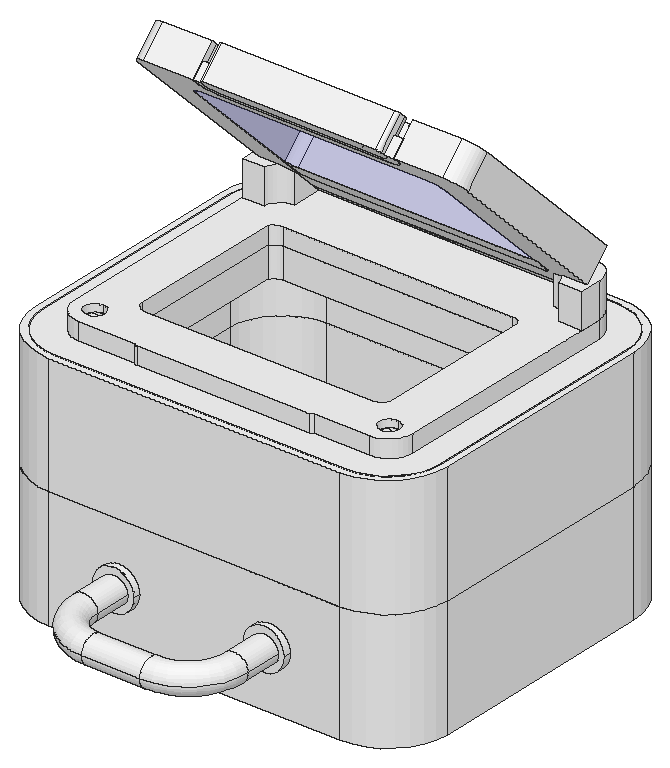
Revit family "Domotics-SerieCivili-GEWISS-27COMBI_SYSTEM-IP55_PALO", category Apparecchi elettrici, host Superficie, Revit 2016 (continued)
Definition of nested family "SYSTEM CONTENITORI IP55 3P PALO_BASE"
  Forms (mm)
    Sweep 45, solid, material <- "SCATOLA", detail levels medium+fine
      path in 3D
        loop
          line (-25.962, 52.5, 17.5) -> (-25.962, 64.422, 17.5)
          arc (-25.962, 64.422, 17.5) -> (-20.837, 76.796, 17.5) -> (-8.462, 81.922, 17.5) r 17.5
          line (-8.462, 81.922, 17.5) -> (8.538, 81.922, 17.5)
          arc (8.538, 81.922, 17.5) -> (20.912, 76.796, 17.5) -> (26.038, 64.422, 17.5) r 17.5
          line (26.038, 64.422, 17.5) -> (26.038, 52.5, 17.5)
      profile origin (26.038, 58.461, 17.5) x (1, 0, 0) y (0, 0, 1)
        loop
          circle (-4.038, 0) r 4.038
    Extrusion 46, solid, detail levels medium+fine
      sketch origin (0, 0, 0) x (1, 0, 0) y (0, 0, -1)
        loop
          circle (22, -17.5) r 6
      from -53.5 to -51.5
    Extrusion 47, solid, detail levels medium+fine
      sketch origin (0, 0, 0) x (-1, 0, 0) y (0, 0, 1)
        loop
          circle (22, 17.5) r 6
      from -53.5 to -51.5
    Sweep 48, solid, material <- "SCATOLA", detail levels medium+fine
      path in 3D
        loop
          line (-25.962, -52.5, 17.5) -> (-25.962, -64.422, 17.5)
          arc (-25.962, -64.422, 17.5) -> (-20.837, -76.796, 17.5) -> (-8.462, -81.922, 17.5) r 17.5
          line (-8.462, -81.922, 17.5) -> (8.538, -81.922, 17.5)
          arc (8.538, -81.922, 17.5) -> (20.912, -76.796, 17.5) -> (26.038, -64.422, 17.5) r 17.5
          line (26.038, -64.422, 17.5) -> (26.038, -52.5, 17.5)
      profile origin (26.038, -58.461, 17.5) x (-1, 0, 0) y (0, 0, 1)
        loop
          circle (4.038, 0) r 4.038
    Extrusion 49, solid, material <- "SCATOLA", detail levels coarse
      sketch origin (0, 0, 17.5) x (1, 0, 0) y (0, 1, 0)
        loop
          arc (42.5, -51.5) -> (54.874, -46.374) -> (60, -34) r 17.5
          line (60, -34) -> (60, 34)
          arc (60, 34) -> (54.874, 46.374) -> (42.5, 51.5) r 17.5
          line (42.5, 51.5) -> (-42.5, 51.5)
          arc (-42.5, 51.5) -> (-54.874, 46.374) -> (-60, 34) r 17.5
          line (-60, 34) -> (-60, -34)
          arc (-60, -34) -> (-54.874, -46.374) -> (-42.5, -51.5) r 17.5
          line (-42.5, -51.5) -> (42.5, -51.5)
      from -17.5 to 52.5
  Cuts and joins
    joined: Extrusion 1, Extrusion 2
  Lines and regions (mm)
    model lines, detail levels coarse
      curve 1: line (42.5, 51.5, 70) -> (-42.5, 51.5, 70)
      curve 2: line (-60, -34, 70) -> (-60, 34, 70)
      curve 3: arc (-42.5, 51.5, 70) -> (-54.874, 46.374, 70) -> (-60, 34, 70) r 17.5
      curve 4: arc (-60, -34, 70) -> (-54.874, -46.374, 70) -> (-42.5, -51.5, 70) r 17.5
      curve 5: line (42.5, -51.5, 70) -> (-42.5, -51.5, 70)
      curve 6: arc (42.5, -51.5, 70) -> (54.874, -46.374, 70) -> (60, -34, 70) r 17.5
      curve 7: line (60, -34, 70) -> (60, 34, 70)
      curve 8: arc (60, 34, 70) -> (54.874, 46.374, 70) -> (42.5, 51.5, 70) r 17.5
      curve 9: arc (56.306, 34.157, 70) -> (52.271, 43.898, 70) -> (42.529, 47.933, 70) r 13.777
      curve 10: line (42.529, 47.933, 70) -> (-42.496, 47.933, 70)
      curve 11: arc (-42.496, 47.933, 70) -> (-51.949, 44.221, 70) -> (-56.35, 35.067, 70) r 13.891
      curve 12: line (-56.35, -34, 70) -> (-56.35, 35.067, 70)
      curve 13: arc (-56.35, -34, 70) -> (-52.293, -43.793, 70) -> (-42.5, -47.85, 70) r 13.85
      curve 14: line (42.5, -47.85, 70) -> (-42.5, -47.85, 70)
      curve 15: arc (42.5, -47.85, 70) -> (52.675, -43.395, 70) -> (56.306, -32.898, 70) r 13.85
      curve 16: line (56.306, -32.898, 70) -> (56.306, 34.157, 70)
      curve 17: line (49.763, -33.831, 70) -> (49.763, 34.169, 70)
      curve 18: arc (49.763, 34.169, 70) -> (47.713, 39.118, 70) -> (42.763, 41.169, 70) r 7
      curve 19: line (-42.237, 41.169, 70) -> (42.763, 41.169, 70)
      curve 20: arc (-42.237, 41.169, 70) -> (-47.186, 39.118, 70) -> (-49.237, 34.169, 70) r 7
      curve 21: line (-49.237, -33.831, 70) -> (-49.237, 34.169, 70)
      curve 22: arc (-49.237, -33.831, 70) -> (-47.186, -38.781, 70) -> (-42.237, -40.831, 70) r 7
      curve 23: line (-42.237, -40.831, 70) -> (-25.898, -40.831, 70)
      curve 24: arc (-26.037, -40.324, 70) -> (-25.744, -41.031, 70) -> (-25.037, -41.324, 70) r 1
      curve 25: line (-25.037, -41.324, 70) -> (25.563, -41.324, 70)
      curve 26: arc (25.563, -41.324, 70) -> (26.271, -41.031, 70) -> (26.563, -40.324, 70) r 1
      curve 27: line (26.425, -40.831, 70) -> (42.763, -40.831, 70)
      curve 28: arc (42.763, -40.831, 70) -> (47.713, -38.781, 70) -> (49.763, -33.831, 70) r 7
      curve 29: line (26.563, -40.324, 70) -> (26.563, -38.165, 70)
      curve 30: arc (26.563, -38.165, 70) -> (25.685, -36.044, 70) -> (23.563, -35.165, 70) r 3
      curve 31: line (-23.037, -35.165, 70) -> (23.563, -35.165, 70)
      curve 32: arc (-23.037, -35.165, 70) -> (-25.158, -36.044, 70) -> (-26.037, -38.165, 70) r 3
      curve 33: line (-26.037, -40.324, 70) -> (-26.037, -38.165, 70)
      curve 34: circle (-17.337, -38.622, 70) r 1 normal (0, 0, 1)
      curve 35: circle (-8.537, -38.622, 70) r 1 normal (0, 0, 1)
      curve 36: circle (0.263, -38.622, 70) r 1 normal (0, 0, 1)
      curve 37: circle (9.063, -38.622, 70) r 1 normal (0, 0, 1)
      curve 38: circle (17.863, -38.622, 70) r 1 normal (0, 0, 1)
      curve 39: line (-38.5, -39.2, 70) -> (-29.037, -39.2, 70)
      curve 40: arc (-39.5, -38.2, 70) -> (-39.207, -38.907, 70) -> (-38.5, -39.2, 70) r 1
      curve 41: line (-39.5, -38.2, 70) -> (-39.5, -34.5, 70)
      curve 42: arc (-39.5, -34.5, 70) -> (-40.525, -32.025, 70) -> (-43, -31, 70) r 3.5
      curve 43: line (-43, -31, 70) -> (-46.7, -31, 70)
      curve 44: arc (-47.7, -30, 70) -> (-47.407, -30.707, 70) -> (-46.7, -31, 70) r 1
      curve 45: circle (-42.737, -34.331, 70) r 3 normal (0, 0, 1)
      curve 46: line (-44.019, -32.701, 70) -> (-41.455, -35.962, 70)
      curve 47: line (-44.459, -35.652, 70) -> (-41.014, -33.01, 70)
      curve 48: line (-47.7, -30, 70) -> (-47.7, 27.667, 70)
      curve 49: arc (-49.237, 27.637, 70) -> (-46.111, 27.71, 70) -> (-42.986, 27.836, 70) r 185.778
      curve 50: arc (-37.737, 32.513, 70) -> (-41.206, 31.123, 70) -> (-42.986, 27.836, 70) r 5.5
      curve 51: line (-37.737, 32.513, 70) -> (-37.737, 41.169, 70)
      curve 52: circle (-42.737, 34.669, 70) r 3 normal (0, 0, 1)
      curve 53: line (-43.287, 36.669, 70) -> (-42.187, 32.669, 70)
      curve 54: line (-44.837, 34.119, 70) -> (-40.637, 35.219, 70)
      curve 55: arc (38.063, 38.269, 70) -> (0.163, 39.169, 70) -> (-37.737, 38.268, 70) r 798.156
      curve 56: line (38.063, 32.217, 70) -> (38.063, 41.169, 70)
      curve 57: arc (43.264, 27.342, 70) -> (41.631, 30.811, 70) -> (38.063, 32.217, 70) r 5.2
      curve 58: arc (43.264, 27.342, 70) -> (46.513, 27.221, 70) -> (49.763, 27.16, 70) r 177.869
      curve 59: circle (43.263, 34.669, 70) r 3 normal (0, 0, 1)
      curve 60: line (44.578, 32.941, 70) -> (41.949, 36.396, 70)
      curve 61: line (41.628, 33.393, 70) -> (44.899, 35.944, 70)
      curve 62: line (47.7, -30, 70) -> (47.7, 27.192, 70)
      curve 63: arc (46.7, -31, 70) -> (47.407, -30.707, 70) -> (47.7, -30, 70) r 1
      curve 64: line (46.7, -31, 70) -> (43, -31, 70)
      curve 65: arc (43, -31, 70) -> (40.525, -32.025, 70) -> (39.5, -34.5, 70) r 3.5
      curve 66: line (39.5, -38.2, 70) -> (39.5, -34.5, 70)
      curve 67: arc (38.5, -39.2, 70) -> (39.207, -38.907, 70) -> (39.5, -38.2, 70) r 1
      curve 68: circle (43.263, -34.331, 70) r 3 normal (0, 0, 1)
      curve 69: line (42.713, -32.331, 70) -> (43.813, -36.331, 70)
      curve 70: line (41.163, -34.881, 70) -> (45.363, -33.781, 70)
      curve 71: line (38.5, -39.2, 70) -> (29.563, -39.2, 70)
      curve 72: line (-33.5, -27.831, 70) -> (33.5, -27.831, 70)
      curve 73: arc (-36.5, -24.831, 70) -> (-35.621, -26.953, 70) -> (-33.5, -27.831, 70) r 3
      curve 74: line (-36.5, -24.831, 70) -> (-36.5, 27.169, 70)
      curve 75: line (-34.65, 19.669, 70) -> (-34.65, -25.331, 70)
      curve 76: line (-34.65, -25.331, 70) -> (34.65, -25.331, 70)
      curve 77: line (36.5, -24.831, 70) -> (36.5, 27.169, 70)
      curve 78: arc (33.5, -27.831, 70) -> (35.621, -26.953, 70) -> (36.5, -24.831, 70) r 3
      curve 79: arc (36.5, 20.971, 70) -> (35.223, 22.215, 70) -> (33.5, 22.669, 70) r 3.5
      curve 80: line (34.65, 19.669, 70) -> (-34.65, 19.669, 70)
      curve 81: line (-33.5, 22.669, 70) -> (33.5, 22.669, 70)
      curve 82: arc (-33.5, 22.669, 70) -> (-35.223, 22.215, 70) -> (-36.5, 20.971, 70) r 3.5
      curve 83: arc (-33.5, 30.169, 70) -> (-35.621, 29.29, 70) -> (-36.5, 27.169, 70) r 3
      curve 84: line (-33.5, 30.169, 70) -> (33.5, 30.169, 70)
      curve 85: arc (36.5, 27.169, 70) -> (35.621, 29.29, 70) -> (33.5, 30.169, 70) r 3
      curve 86: line (-28, -52.5, 70) -> (-28, -51.5, 70)
      curve 87: line (-16, -52.5, 70) -> (-28, -52.5, 70)
      curve 88: line (-16, -51.5, 70) -> (-16, -52.5, 70)
      curve 89: line (16, -52.5, 70) -> (16, -51.5, 70)
      curve 90: line (28, -52.5, 70) -> (16, -52.5, 70)
      curve 91: line (28, -51.5, 70) -> (28, -52.5, 70)
      curve 92: line (-16.444, -65.422, 70) -> (-16.444, -52.5, 70)
      curve 93: arc (-16.444, -65.422, 70) -> (-16.152, -66.129, 70) -> (-15.444, -66.422, 70) r 1
      curve 94: line (15.52, -66.422, 70) -> (-15.444, -66.422, 70)
      curve 95: arc (15.52, -66.422, 70) -> (16.227, -66.129, 70) -> (16.52, -65.422, 70) r 1
      curve 96: line (16.52, -65.422, 70) -> (16.52, -52.5, 70)
      curve 97: line (26.038, -64.422, 70) -> (26.038, -52.5, 70)
      curve 98: arc (8.538, -81.922, 70) -> (20.912, -76.796, 70) -> (26.038, -64.422, 70) r 17.5
      curve 99: line (8.538, -81.922, 70) -> (-8.462, -81.922, 70)
      curve 100: circle (0.038, -74.922, 70) r 2 normal (0, 0, 1)
      curve 101: arc (-25.962, -64.422, 70) -> (-20.837, -76.796, 70) -> (-8.462, -81.922, 70) r 17.5
      curve 102: line (-25.962, -64.422, 70) -> (-25.962, -52.5, 70)
      curve 103: line (8.538, 81.922, 70) -> (-8.462, 81.922, 70)
      curve 104: arc (-8.462, 81.922, 70) -> (-20.837, 76.796, 70) -> (-25.962, 64.422, 70) r 17.5
      curve 105: arc (26.038, 64.422, 70) -> (20.912, 76.796, 70) -> (8.538, 81.922, 70) r 17.5
      curve 106: line (26.038, 64.422, 70) -> (26.038, 52.5, 70)
      curve 107: line (16.52, 65.422, 70) -> (16.52, 52.5, 70)
      curve 108: arc (16.52, 65.422, 70) -> (16.227, 66.129, 70) -> (15.52, 66.422, 70) r 1
      curve 109: line (15.52, 66.422, 70) -> (-15.444, 66.422, 70)
      curve 110: line (-16.444, 65.422, 70) -> (-16.444, 52.5, 70)
      curve 111: arc (-15.444, 66.422, 70) -> (-16.152, 66.129, 70) -> (-16.444, 65.422, 70) r 1
      curve 112: line (-25.962, 64.422, 70) -> (-25.962, 52.5, 70)
      curve 113: line (28, 52.5, 70) -> (16, 52.5, 70)
      curve 114: line (28, 51.5, 70) -> (28, 52.5, 70)
      curve 115: line (16, 52.5, 70) -> (16, 51.5, 70)
      curve 116: line (-16, 51.5, 70) -> (-16, 52.5, 70)
      curve 117: line (-16, 52.5, 70) -> (-28, 52.5, 70)
      curve 118: line (34.65, -25.331, 70) -> (34.65, 19.669, 70)
      curve 119: line (-29.037, -40.831, 70) -> (-29.037, -37.188, 70)
      curve 120: arc (-24.537, -32.688, 70) -> (-27.719, -34.006, 70) -> (-29.037, -37.188, 70) r 4.5
      curve 121: line (-24.537, -32.688, 70) -> (25.063, -32.688, 70)
      curve 122: arc (29.563, -37.188, 70) -> (28.245, -34.006, 70) -> (25.063, -32.688, 70) r 4.5
      curve 123: line (29.563, -40.831, 70) -> (29.563, -37.188, 70)
      curve 124: line (-28, 52.5, 70) -> (-28, 51.5, 70)
    model lines, not visible
      curve 125: line (42.5, 51.5, 0) -> (-42.5, 51.5, 0)
      curve 126: line (-60, -34, 0) -> (-60, 34, 0)
      curve 127: arc (-42.5, 51.5, 0) -> (-54.874, 46.374, 0) -> (-60, 34, 0) r 17.5
      curve 128: arc (-60, -34, 0) -> (-54.874, -46.374, 0) -> (-42.5, -51.5, 0) r 17.5
      curve 129: line (42.5, -51.5, 0) -> (-42.5, -51.5, 0)
      curve 130: arc (42.5, -51.5, 0) -> (54.874, -46.374, 0) -> (60, -34, 0) r 17.5
      curve 131: line (60, -34, 0) -> (60, 34, 0)
      curve 132: arc (60, 34, 0) -> (54.874, 46.374, 0) -> (42.5, 51.5, 0) r 17.5
      curve 133: arc (56.306, 34.157, 0) -> (52.271, 43.898, 0) -> (42.529, 47.933, 0) r 13.777
      curve 134: line (42.529, 47.933, 0) -> (-42.496, 47.933, 0)
      curve 135: arc (-42.496, 47.933, 0) -> (-51.949, 44.221, 0) -> (-56.35, 35.067, 0) r 13.891
      curve 136: line (-56.35, -34, 0) -> (-56.35, 35.067, 0)
      curve 137: arc (-56.35, -34, 0) -> (-52.293, -43.793, 0) -> (-42.5, -47.85, 0) r 13.85
      curve 138: line (42.5, -47.85, 0) -> (-42.5, -47.85, 0)
      curve 139: arc (42.5, -47.85, 0) -> (52.675, -43.395, 0) -> (56.306, -32.898, 0) r 13.85
      curve 140: line (56.306, -32.898, 0) -> (56.306, 34.157, 0)
      curve 141: line (49.763, -33.831, 0) -> (49.763, 34.169, 0)
      curve 142: arc (49.763, 34.169, 0) -> (47.713, 39.118, 0) -> (42.763, 41.169, 0) r 7
      curve 143: line (-42.237, 41.169, 0) -> (42.763, 41.169, 0)
      curve 144: arc (-42.237, 41.169, 0) -> (-47.186, 39.118, 0) -> (-49.237, 34.169, 0) r 7
      curve 145: line (-49.237, -33.831, 0) -> (-49.237, 34.169, 0)
      curve 146: arc (-49.237, -33.831, 0) -> (-47.186, -38.781, 0) -> (-42.237, -40.831, 0) r 7
      curve 147: line (-42.237, -40.831, 0) -> (-25.898, -40.831, 0)
      curve 148: arc (-26.037, -40.324, 0) -> (-25.744, -41.031, 0) -> (-25.037, -41.324, 0) r 1
      curve 149: line (-25.037, -41.324, 0) -> (25.563, -41.324, 0)
      curve 150: arc (25.563, -41.324, 0) -> (26.271, -41.031, 0) -> (26.563, -40.324, 0) r 1
      curve 151: line (26.425, -40.831, 0) -> (42.763, -40.831, 0)
      curve 152: arc (42.763, -40.831, 0) -> (47.713, -38.781, 0) -> (49.763, -33.831, 0) r 7
      curve 153: line (26.563, -40.324, 0) -> (26.563, -38.165, 0)
      curve 154: arc (26.563, -38.165, 0) -> (25.685, -36.044, 0) -> (23.563, -35.165, 0) r 3
      curve 155: line (-23.037, -35.165, 0) -> (23.563, -35.165, 0)
      curve 156: arc (-23.037, -35.165, 0) -> (-25.158, -36.044, 0) -> (-26.037, -38.165, 0) r 3
      curve 157: line (-26.037, -40.324, 0) -> (-26.037, -38.165, 0)
      curve 158: circle (-17.337, -38.622, 0) r 1 normal (0, 0, 1)
      curve 159: circle (-8.537, -38.622, 0) r 1 normal (0, 0, 1)
      curve 160: circle (0.263, -38.622, 0) r 1 normal (0, 0, 1)
      curve 161: circle (9.063, -38.622, 0) r 1 normal (0, 0, 1)
      curve 162: circle (17.863, -38.622, 0) r 1 normal (0, 0, 1)
      curve 163: line (-38.5, -39.2, 0) -> (-29.037, -39.2, 0)
      curve 164: arc (-39.5, -38.2, 0) -> (-39.207, -38.907, 0) -> (-38.5, -39.2, 0) r 1
      curve 165: line (-39.5, -38.2, 0) -> (-39.5, -34.5, 0)
      curve 166: arc (-39.5, -34.5, 0) -> (-40.525, -32.025, 0) -> (-43, -31, 0) r 3.5
      curve 167: line (-43, -31, 0) -> (-46.7, -31, 0)
      curve 168: arc (-47.7, -30, 0) -> (-47.407, -30.707, 0) -> (-46.7, -31, 0) r 1
      curve 169: circle (-42.737, -34.331, 0) r 3 normal (0, 0, 1)
      curve 170: line (-44.019, -32.701, 0) -> (-41.455, -35.962, 0)
      curve 171: line (-44.459, -35.652, 0) -> (-41.014, -33.01, 0)
      curve 172: line (-47.7, -30, 0) -> (-47.7, 27.667, 0)
      curve 173: arc (-49.237, 27.637, 0) -> (-46.111, 27.71, 0) -> (-42.986, 27.836, 0) r 185.778
      curve 174: arc (-37.737, 32.513, 0) -> (-41.206, 31.123, 0) -> (-42.986, 27.836, 0) r 5.5
      curve 175: line (-37.737, 32.513, 0) -> (-37.737, 41.169, 0)
      curve 176: circle (-42.737, 34.669, 0) r 3 normal (0, 0, 1)
      curve 177: line (-43.287, 36.669, 0) -> (-42.187, 32.669, 0)
      curve 178: line (-44.837, 34.119, 0) -> (-40.637, 35.219, 0)
      curve 179: arc (38.063, 38.269, 0) -> (0.163, 39.169, 0) -> (-37.737, 38.268, 0) r 798.156
      curve 180: line (38.063, 32.217, 0) -> (38.063, 41.169, 0)
      curve 181: arc (43.264, 27.342, 0) -> (41.631, 30.811, 0) -> (38.063, 32.217, 0) r 5.2
      curve 182: arc (43.264, 27.342, 0) -> (46.513, 27.221, 0) -> (49.763, 27.16, 0) r 177.869
      curve 183: circle (43.263, 34.669, 0) r 3 normal (0, 0, 1)
      curve 184: line (44.578, 32.941, 0) -> (41.949, 36.396, 0)
      curve 185: line (41.628, 33.393, 0) -> (44.899, 35.944, 0)
      curve 186: line (47.7, -30, 0) -> (47.7, 27.192, 0)
      curve 187: arc (46.7, -31, 0) -> (47.407, -30.707, 0) -> (47.7, -30, 0) r 1
      curve 188: line (46.7, -31, 0) -> (43, -31, 0)
      curve 189: arc (43, -31, 0) -> (40.525, -32.025, 0) -> (39.5, -34.5, 0) r 3.5
      curve 190: line (39.5, -38.2, 0) -> (39.5, -34.5, 0)
      curve 191: arc (38.5, -39.2, 0) -> (39.207, -38.907, 0) -> (39.5, -38.2, 0) r 1
      curve 192: circle (43.263, -34.331, 0) r 3 normal (0, 0, 1)
      curve 193: line (42.713, -32.331, 0) -> (43.813, -36.331, 0)
      curve 194: line (41.163, -34.881, 0) -> (45.363, -33.781, 0)
      curve 195: line (38.5, -39.2, 0) -> (29.563, -39.2, 0)
      curve 196: line (-33.5, -27.831, 0) -> (33.5, -27.831, 0)
      curve 197: arc (-36.5, -24.831, 0) -> (-35.621, -26.953, 0) -> (-33.5, -27.831, 0) r 3
      curve 198: line (-36.5, -24.831, 0) -> (-36.5, 27.169, 0)
      curve 199: line (-34.65, 19.669, 0) -> (-34.65, -25.331, 0)
      curve 200: line (-34.65, -25.331, 0) -> (34.65, -25.331, 0)
      curve 201: line (36.5, -24.831, 0) -> (36.5, 27.169, 0)
      curve 202: arc (33.5, -27.831, 0) -> (35.621, -26.953, 0) -> (36.5, -24.831, 0) r 3
      curve 203: arc (36.5, 20.971, 0) -> (35.223, 22.215, 0) -> (33.5, 22.669, 0) r 3.5
      curve 204: line (34.65, 19.669, 0) -> (-34.65, 19.669, 0)
      curve 205: line (-33.5, 22.669, 0) -> (33.5, 22.669, 0)
      curve 206: arc (-33.5, 22.669, 0) -> (-35.223, 22.215, 0) -> (-36.5, 20.971, 0) r 3.5
      curve 207: arc (-33.5, 30.169, 0) -> (-35.621, 29.29, 0) -> (-36.5, 27.169, 0) r 3
      curve 208: line (-33.5, 30.169, 0) -> (33.5, 30.169, 0)
      curve 209: arc (36.5, 27.169, 0) -> (35.621, 29.29, 0) -> (33.5, 30.169, 0) r 3
      curve 210: line (-28, -52.5, 0) -> (-28, -51.5, 0)
      curve 211: line (-16, -52.5, 0) -> (-28, -52.5, 0)
      curve 212: line (-16, -51.5, 0) -> (-16, -52.5, 0)
      curve 213: line (16, -52.5, 0) -> (16, -51.5, 0)
      curve 214: line (28, -52.5, 0) -> (16, -52.5, 0)
      curve 215: line (28, -51.5, 0) -> (28, -52.5, 0)
      curve 216: line (-16.444, -65.422, 0) -> (-16.444, -52.5, 0)
      curve 217: arc (-16.444, -65.422, 0) -> (-16.152, -66.129, 0) -> (-15.444, -66.422, 0) r 1
      curve 218: line (15.52, -66.422, 0) -> (-15.444, -66.422, 0)
      curve 219: arc (15.52, -66.422, 0) -> (16.227, -66.129, 0) -> (16.52, -65.422, 0) r 1
      curve 220: line (16.52, -65.422, 0) -> (16.52, -52.5, 0)
      curve 221: line (26.038, -64.422, 0) -> (26.038, -52.5, 0)
      curve 222: arc (8.538, -81.922, 0) -> (20.912, -76.796, 0) -> (26.038, -64.422, 0) r 17.5
      curve 223: line (8.538, -81.922, 0) -> (-8.462, -81.922, 0)
      curve 224: circle (0.038, -74.922, 0) r 2 normal (0, 0, 1)
      curve 225: arc (-25.962, -64.422, 0) -> (-20.837, -76.796, 0) -> (-8.462, -81.922, 0) r 17.5
      curve 226: line (-25.962, -64.422, 0) -> (-25.962, -52.5, 0)
      curve 227: line (8.538, 81.922, 0) -> (-8.462, 81.922, 0)
      curve 228: arc (-8.462, 81.922, 0) -> (-20.837, 76.796, 0) -> (-25.962, 64.422, 0) r 17.5
      curve 229: arc (26.038, 64.422, 0) -> (20.912, 76.796, 0) -> (8.538, 81.922, 0) r 17.5
      curve 230: line (26.038, 64.422, 0) -> (26.038, 52.5, 0)
      curve 231: line (16.52, 65.422, 0) -> (16.52, 52.5, 0)
      curve 232: arc (16.52, 65.422, 0) -> (16.227, 66.129, 0) -> (15.52, 66.422, 0) r 1
      curve 233: line (15.52, 66.422, 0) -> (-15.444, 66.422, 0)
      curve 234: line (-16.444, 65.422, 0) -> (-16.444, 52.5, 0)
      curve 235: arc (-15.444, 66.422, 0) -> (-16.152, 66.129, 0) -> (-16.444, 65.422, 0) r 1
      curve 236: line (-25.962, 64.422, 0) -> (-25.962, 52.5, 0)
      curve 237: line (28, 52.5, 0) -> (16, 52.5, 0)
      curve 238: line (28, 51.5, 0) -> (28, 52.5, 0)
      curve 239: line (16, 52.5, 0) -> (16, 51.5, 0)
      curve 240: line (-16, 51.5, 0) -> (-16, 52.5, 0)
      curve 241: line (-16, 52.5, 0) -> (-28, 52.5, 0)
      curve 242: line (34.65, -25.331, 0) -> (34.65, 19.669, 0)
      curve 243: line (-29.037, -40.831, 0) -> (-29.037, -37.188, 0)
      curve 244: arc (-24.537, -32.688, 0) -> (-27.719, -34.006, 0) -> (-29.037, -37.188, 0) r 4.5
      curve 245: line (-24.537, -32.688, 0) -> (25.063, -32.688, 0)
      curve 246: arc (29.563, -37.188, 0) -> (28.245, -34.006, 0) -> (25.063, -32.688, 0) r 4.5
      curve 247: line (29.563, -40.831, 0) -> (29.563, -37.188, 0)
      curve 248: line (-28, 52.5, 0) -> (-28, 51.5, 0)
    model lines, not visible, detail levels coarse
      curve 249: line (42.5, 51.5, 222.5) -> (-42.5, 51.5, 222.5)
      curve 250: line (-60, -34, 222.5) -> (-60, 34, 222.5)
      curve 251: arc (-42.5, 51.5, 222.5) -> (-54.874, 46.374, 222.5) -> (-60, 34, 222.5) r 17.5
      curve 252: arc (-60, -34, 222.5) -> (-54.874, -46.374, 222.5) -> (-42.5, -51.5, 222.5) r 17.5
      curve 253: line (42.5, -51.5, 222.5) -> (-42.5, -51.5, 222.5)
      curve 254: arc (42.5, -51.5, 222.5) -> (54.874, -46.374, 222.5) -> (60, -34, 222.5) r 17.5
      curve 255: line (60, -34, 222.5) -> (60, 34, 222.5)
      curve 256: arc (60, 34, 222.5) -> (54.874, 46.374, 222.5) -> (42.5, 51.5, 222.5) r 17.5
      curve 257: arc (56.306, 34.157, 222.5) -> (52.271, 43.898, 222.5) -> (42.529, 47.933, 222.5) r 13.777
      curve 258: line (42.529, 47.933, 222.5) -> (-42.496, 47.933, 222.5)
      curve 259: arc (-42.496, 47.933, 222.5) -> (-51.949, 44.221, 222.5) -> (-56.35, 35.067, 222.5) r 13.891
      curve 260: line (-56.35, -34, 222.5) -> (-56.35, 35.067, 222.5)
      curve 261: arc (-56.35, -34, 222.5) -> (-52.293, -43.793, 222.5) -> (-42.5, -47.85, 222.5) r 13.85
      curve 262: line (42.5, -47.85, 222.5) -> (-42.5, -47.85, 222.5)
      curve 263: arc (42.5, -47.85, 222.5) -> (52.675, -43.395, 222.5) -> (56.306, -32.898, 222.5) r 13.85
      curve 264: line (56.306, -32.898, 222.5) -> (56.306, 34.157, 222.5)
      curve 265: line (49.763, -33.831, 222.5) -> (49.763, 34.169, 222.5)
      curve 266: arc (49.763, 34.169, 222.5) -> (47.713, 39.118, 222.5) -> (42.763, 41.169, 222.5) r 7
      curve 267: line (-42.237, 41.169, 222.5) -> (42.763, 41.169, 222.5)
      curve 268: arc (-42.237, 41.169, 222.5) -> (-47.186, 39.118, 222.5) -> (-49.237, 34.169, 222.5) r 7
      curve 269: line (-49.237, -33.831, 222.5) -> (-49.237, 34.169, 222.5)
      curve 270: arc (-49.237, -33.831, 222.5) -> (-47.186, -38.781, 222.5) -> (-42.237, -40.831, 222.5) r 7
      curve 271: line (-42.237, -40.831, 222.5) -> (-25.898, -40.831, 222.5)
      curve 272: arc (-26.037, -40.324, 222.5) -> (-25.744, -41.031, 222.5) -> (-25.037, -41.324, 222.5) r 1
      curve 273: line (-25.037, -41.324, 222.5) -> (25.563, -41.324, 222.5)
      curve 274: arc (25.563, -41.324, 222.5) -> (26.271, -41.031, 222.5) -> (26.563, -40.324, 222.5) r 1
      curve 275: line (26.425, -40.831, 222.5) -> (42.763, -40.831, 222.5)
      curve 276: arc (42.763, -40.831, 222.5) -> (47.713, -38.781, 222.5) -> (49.763, -33.831, 222.5) r 7
      curve 277: line (26.563, -40.324, 222.5) -> (26.563, -38.165, 222.5)
      curve 278: arc (26.563, -38.165, 222.5) -> (25.685, -36.044, 222.5) -> (23.563, -35.165, 222.5) r 3
      curve 279: line (-23.037, -35.165, 222.5) -> (23.563, -35.165, 222.5)
      curve 280: arc (-23.037, -35.165, 222.5) -> (-25.158, -36.044, 222.5) -> (-26.037, -38.165, 222.5) r 3
      curve 281: line (-26.037, -40.324, 222.5) -> (-26.037, -38.165, 222.5)
      curve 282: circle (-17.337, -38.622, 222.5) r 1 normal (0, 0, 1)
      curve 283: circle (-8.537, -38.622, 222.5) r 1 normal (0, 0, 1)
      curve 284: circle (0.263, -38.622, 222.5) r 1 normal (0, 0, 1)
      curve 285: circle (9.063, -38.622, 222.5) r 1 normal (0, 0, 1)
      curve 286: circle (17.863, -38.622, 222.5) r 1 normal (0, 0, 1)
      curve 287: line (-38.5, -39.2, 222.5) -> (-29.037, -39.2, 222.5)
      curve 288: arc (-39.5, -38.2, 222.5) -> (-39.207, -38.907, 222.5) -> (-38.5, -39.2, 222.5) r 1
      curve 289: line (-39.5, -38.2, 222.5) -> (-39.5, -34.5, 222.5)
      curve 290: arc (-39.5, -34.5, 222.5) -> (-40.525, -32.025, 222.5) -> (-43, -31, 222.5) r 3.5
      curve 291: line (-43, -31, 222.5) -> (-46.7, -31, 222.5)
      curve 292: arc (-47.7, -30, 222.5) -> (-47.407, -30.707, 222.5) -> (-46.7, -31, 222.5) r 1
      curve 293: circle (-42.737, -34.331, 222.5) r 3 normal (0, 0, 1)
      curve 294: line (-44.019, -32.701, 222.5) -> (-41.455, -35.962, 222.5)
      curve 295: line (-44.459, -35.652, 222.5) -> (-41.014, -33.01, 222.5)
      curve 296: line (-47.7, -30, 222.5) -> (-47.7, 27.667, 222.5)
      curve 297: arc (-49.237, 27.637, 222.5) -> (-46.111, 27.71, 222.5) -> (-42.986, 27.836, 222.5) r 185.778
      curve 298: arc (-37.737, 32.513, 222.5) -> (-41.206, 31.123, 222.5) -> (-42.986, 27.836, 222.5) r 5.5
      curve 299: line (-37.737, 32.513, 222.5) -> (-37.737, 41.169, 222.5)
      curve 300: circle (-42.737, 34.669, 222.5) r 3 normal (0, 0, 1)
      curve 301: line (-43.287, 36.669, 222.5) -> (-42.187, 32.669, 222.5)
      curve 302: line (-44.837, 34.119, 222.5) -> (-40.637, 35.219, 222.5)
      curve 303: arc (38.063, 38.269, 222.5) -> (0.163, 39.169, 222.5) -> (-37.737, 38.268, 222.5) r 798.156
      curve 304: line (38.063, 32.217, 222.5) -> (38.063, 41.169, 222.5)
      curve 305: arc (43.264, 27.342, 222.5) -> (41.631, 30.811, 222.5) -> (38.063, 32.217, 222.5) r 5.2
      curve 306: arc (43.264, 27.342, 222.5) -> (46.513, 27.221, 222.5) -> (49.763, 27.16, 222.5) r 177.869
      curve 307: circle (43.263, 34.669, 222.5) r 3 normal (0, 0, 1)
      curve 308: line (44.578, 32.941, 222.5) -> (41.949, 36.396, 222.5)
      curve 309: line (41.628, 33.393, 222.5) -> (44.899, 35.944, 222.5)
      curve 310: line (47.7, -30, 222.5) -> (47.7, 27.192, 222.5)
      curve 311: arc (46.7, -31, 222.5) -> (47.407, -30.707, 222.5) -> (47.7, -30, 222.5) r 1
      curve 312: line (46.7, -31, 222.5) -> (43, -31, 222.5)
      curve 313: arc (43, -31, 222.5) -> (40.525, -32.025, 222.5) -> (39.5, -34.5, 222.5) r 3.5
      curve 314: line (39.5, -38.2, 222.5) -> (39.5, -34.5, 222.5)
      curve 315: arc (38.5, -39.2, 222.5) -> (39.207, -38.907, 222.5) -> (39.5, -38.2, 222.5) r 1
      curve 316: circle (43.263, -34.331, 222.5) r 3 normal (0, 0, 1)
      curve 317: line (42.713, -32.331, 222.5) -> (43.813, -36.331, 222.5)
      curve 318: line (41.163, -34.881, 222.5) -> (45.363, -33.781, 222.5)
      curve 319: line (38.5, -39.2, 222.5) -> (29.563, -39.2, 222.5)
      curve 320: line (-33.5, -27.831, 222.5) -> (33.5, -27.831, 222.5)
      curve 321: arc (-36.5, -24.831, 222.5) -> (-35.621, -26.953, 222.5) -> (-33.5, -27.831, 222.5) r 3
      curve 322: line (-36.5, -24.831, 222.5) -> (-36.5, 27.169, 222.5)
      curve 323: line (-34.65, 19.669, 222.5) -> (-34.65, -25.331, 222.5)
      curve 324: line (-34.65, -25.331, 222.5) -> (34.65, -25.331, 222.5)
      curve 325: line (36.5, -24.831, 222.5) -> (36.5, 27.169, 222.5)
      curve 326: arc (33.5, -27.831, 222.5) -> (35.621, -26.953, 222.5) -> (36.5, -24.831, 222.5) r 3
      curve 327: arc (36.5, 20.971, 222.5) -> (35.223, 22.215, 222.5) -> (33.5, 22.669, 222.5) r 3.5
      curve 328: line (34.65, 19.669, 222.5) -> (-34.65, 19.669, 222.5)
      curve 329: line (-33.5, 22.669, 222.5) -> (33.5, 22.669, 222.5)
      curve 330: arc (-33.5, 22.669, 222.5) -> (-35.223, 22.215, 222.5) -> (-36.5, 20.971, 222.5) r 3.5
      curve 331: arc (-33.5, 30.169, 222.5) -> (-35.621, 29.29, 222.5) -> (-36.5, 27.169, 222.5) r 3
      curve 332: line (-33.5, 30.169, 222.5) -> (33.5, 30.169, 222.5)
      curve 333: arc (36.5, 27.169, 222.5) -> (35.621, 29.29, 222.5) -> (33.5, 30.169, 222.5) r 3
      curve 334: line (-28, -52.5, 222.5) -> (-28, -51.5, 222.5)
      curve 335: line (-16, -52.5, 222.5) -> (-28, -52.5, 222.5)
      curve 336: line (-16, -51.5, 222.5) -> (-16, -52.5, 222.5)
      curve 337: line (16, -52.5, 222.5) -> (16, -51.5, 222.5)
      curve 338: line (28, -52.5, 222.5) -> (16, -52.5, 222.5)
      curve 339: line (28, -51.5, 222.5) -> (28, -52.5, 222.5)
      curve 340: line (-16.444, -65.422, 222.5) -> (-16.444, -52.5, 222.5)
      curve 341: arc (-16.444, -65.422, 222.5) -> (-16.152, -66.129, 222.5) -> (-15.444, -66.422, 222.5) r 1
      curve 342: line (15.52, -66.422, 222.5) -> (-15.444, -66.422, 222.5)
      curve 343: arc (15.52, -66.422, 222.5) -> (16.227, -66.129, 222.5) -> (16.52, -65.422, 222.5) r 1
      curve 344: line (16.52, -65.422, 222.5) -> (16.52, -52.5, 222.5)
      curve 345: line (26.038, -64.422, 222.5) -> (26.038, -52.5, 222.5)
      curve 346: arc (8.538, -81.922, 222.5) -> (20.912, -76.796, 222.5) -> (26.038, -64.422, 222.5) r 17.5
      curve 347: line (8.538, -81.922, 222.5) -> (-8.462, -81.922, 222.5)
      curve 348: circle (0.038, -74.922, 222.5) r 2 normal (0, 0, 1)
      curve 349: arc (-25.962, -64.422, 222.5) -> (-20.837, -76.796, 222.5) -> (-8.462, -81.922, 222.5) r 17.5
      curve 350: line (-25.962, -64.422, 222.5) -> (-25.962, -52.5, 222.5)
      curve 351: line (8.538, 81.922, 222.5) -> (-8.462, 81.922, 222.5)
      curve 352: arc (-8.462, 81.922, 222.5) -> (-20.837, 76.796, 222.5) -> (-25.962, 64.422, 222.5) r 17.5
      curve 353: arc (26.038, 64.422, 222.5) -> (20.912, 76.796, 222.5) -> (8.538, 81.922, 222.5) r 17.5
      curve 354: line (26.038, 64.422, 222.5) -> (26.038, 52.5, 222.5)
      curve 355: line (16.52, 65.422, 222.5) -> (16.52, 52.5, 222.5)
      curve 356: arc (16.52, 65.422, 222.5) -> (16.227, 66.129, 222.5) -> (15.52, 66.422, 222.5) r 1
      curve 357: line (15.52, 66.422, 222.5) -> (-15.444, 66.422, 222.5)
      curve 358: line (-16.444, 65.422, 222.5) -> (-16.444, 52.5, 222.5)
      curve 359: arc (-15.444, 66.422, 222.5) -> (-16.152, 66.129, 222.5) -> (-16.444, 65.422, 222.5) r 1
      curve 360: line (-25.962, 64.422, 222.5) -> (-25.962, 52.5, 222.5)
      curve 361: line (28, 52.5, 222.5) -> (16, 52.5, 222.5)
      curve 362: line (28, 51.5, 222.5) -> (28, 52.5, 222.5)
      curve 363: line (16, 52.5, 222.5) -> (16, 51.5, 222.5)
      curve 364: line (-16, 51.5, 222.5) -> (-16, 52.5, 222.5)
      curve 365: line (-16, 52.5, 222.5) -> (-28, 52.5, 222.5)
      curve 366: line (34.65, -25.331, 222.5) -> (34.65, 19.669, 222.5)
      curve 367: line (-29.037, -40.831, 222.5) -> (-29.037, -37.188, 222.5)
      curve 368: arc (-24.537, -32.688, 222.5) -> (-27.719, -34.006, 222.5) -> (-29.037, -37.188, 222.5) r 4.5
      curve 369: line (-24.537, -32.688, 222.5) -> (25.063, -32.688, 222.5)
      curve 370: arc (29.563, -37.188, 222.5) -> (28.245, -34.006, 222.5) -> (25.063, -32.688, 222.5) r 4.5
      curve 371: line (29.563, -40.831, 222.5) -> (29.563, -37.188, 222.5)
      curve 372: line (-28, 52.5, 222.5) -> (-28, 51.5, 222.5)
    sketch lines
      curve 373: line (37.737, 41.169, 75) -> (0, 41.169, 75)
      curve 374: line (-37.737, 41.169, 75) -> (0, 41.169, 75)
      curve 377: line (37.737, 41.169, 75) -> (0, 41.169, 75)
      curve 378: line (-37.737, 41.169, 75) -> (0, 41.169, 75)
      curve 381: line (26.038, 64.422, 17.5) -> (26.038, 52.5, 17.5)
      curve 382: arc (26.038, 64.422, 17.5) -> (20.912, 76.796, 17.5) -> (8.538, 81.922, 17.5) r 17.5
      curve 383: line (8.538, 81.922, 17.5) -> (-8.462, 81.922, 17.5)
      curve 384: arc (-8.462, 81.922, 17.5) -> (-20.837, 76.796, 17.5) -> (-25.962, 64.422, 17.5) r 17.5
      curve 385: line (-25.962, 64.422, 17.5) -> (-25.962, 52.5, 17.5)
      curve 386: line (26.038, -64.422, 17.5) -> (26.038, -52.5, 17.5)
      curve 387: arc (26.038, -64.422, 17.5) -> (20.912, -76.796, 17.5) -> (8.538, -81.922, 17.5) r 17.5
      curve 388: line (8.538, -81.922, 17.5) -> (-8.462, -81.922, 17.5)
      curve 389: arc (-8.462, -81.922, 17.5) -> (-20.837, -76.796, 17.5) -> (-25.962, -64.422, 17.5) r 17.5
      curve 390: line (-25.962, -64.422, 17.5) -> (-25.962, -52.5, 17.5)
    sketch lines, not visible
      curve 375: line (37.737, 41.169, 75) -> (0, 41.169, 75)
      curve 376: line (-37.737, 41.169, 75) -> (0, 41.169, 75)
      curve 379: line (-100.757, -146.049, 47.299) -> (-138.493, -146.049, 47.299)
      curve 380: line (-176.23, -146.049, 47.299) -> (-138.493, -146.049, 47.299)
  Dimensions and locks
    equal spacing: plane 4, plane 3 "Centro (Sinistra/Destra)", plane 5
    "Larghezza scatola": plane 4 to plane 5
    equal spacing: plane 6, plane 1 "Centro (Fronte/Retro)", plane 7
    "Altezza scatola": plane 6 to plane 7
    plane 9 to plane 11 "PIANO BIDIMENSIONALE" = 5 mm
    equal spacing: plane 11 "PIANO BIDIMENSIONALE", plane 8, level
    equal spacing: level, plane 15 "2", plane 8
    equal spacing: plane 14, plane 16, plane 13
    aligned and locked: level to plane 2
    aligned and locked: Extrusion 1 sketch curve to curve 1
    aligned and locked: Extrusion 1 sketch curve to curve 2
    aligned and locked: Extrusion 1 sketch curve to curve 5
    aligned and locked: Extrusion 1 sketch curve to curve 7
    aligned and locked: Extrusion 1 to level
    aligned and locked: Extrusion 2 to level
    aligned and locked: plane 8 to Extrusion 1
    aligned and locked: cut or joined group of Extrusion 1, Extrusion 2 to Extrusion 3 sketch curve
    aligned and locked: Extrusion 3 sketch curve to cut or joined group of Extrusion 1, Extrusion 2  (x2)
    aligned and locked: plane 6 to Extrusion 3 sketch curve
    aligned and locked: Extrusion 3 to cut or joined group of Extrusion 1, Extrusion 2
    aligned and locked: Extrusion 5 to Extrusion 4
    aligned and locked: Extrusion 6 to Extrusion 4
    aligned and locked: Extrusion 7 sketch curve to Extrusion 5  (x2)
    aligned and locked: Extrusion 5 to Extrusion 7 sketch curve
    aligned and locked: Extrusion 7 to Extrusion 4
    aligned and locked: Extrusion 9 to Revolve 8
    aligned and locked: Revolve 10 to Extrusion 11
    aligned and locked: Extrusion 14 to Extrusion 4
    aligned and locked: Revolve 8 sketch curve to Extrusion 9
    aligned and locked: Extrusion 11 to Revolve 10 sketch curve
    aligned and locked: Extrusion 4 to plane 11 "PIANO BIDIMENSIONALE"
    aligned and locked: Extrusion 4 to Extrusion 13
    aligned and locked: Extrusion 4 to Extrusion 12
    aligned and locked: Extrusion 4 to Extrusion 11
    aligned and locked: plane 12 to Extrusion 13
    aligned and locked: Extrusion 12 to Extrusion 13
    aligned and locked: plane 9 to Extrusion 4
    aligned and locked: Extrusion 15 to Extrusion 4
    aligned and locked: Extrusion 5 to Extrusion 15
    aligned and locked: SweptBlend 16 sketch curve to Extrusion 5
    aligned and locked: Extrusion 18 to plane 9
    aligned and locked: Extrusion 21 sketch curve to Extrusion 19  (x2)
    aligned and locked: Extrusion 19 to Extrusion 21 sketch curve
    aligned and locked: SweptBlend 23 sketch curve to Extrusion 19
    aligned and locked: Extrusion 28 sketch curve to Extrusion 26  (x2)
    aligned and locked: Extrusion 26 to Extrusion 28 sketch curve
    aligned and locked: SweptBlend 30 sketch curve to Extrusion 26
    aligned and locked: Extrusion 35 sketch curve to Extrusion 33  (x2)
    aligned and locked: Extrusion 33 to Extrusion 35 sketch curve
    aligned and locked: SweptBlend 37 sketch curve to Extrusion 33
    aligned and locked: Extrusion 4 sketch curve to curve 81
    aligned and locked: Extrusion 3 to Extrusion 4
    aligned and locked: Revolve 40 sketch curve to Extrusion 12
    aligned and locked: Extrusion 13 to Revolve 41 sketch curve
    aligned and locked: Extrusion 3 to Extrusion 42
    aligned and locked: Extrusion 43 to plane 6
    aligned and locked: Extrusion 49 sketch curve to Extrusion 3  (x2)
    aligned and locked: Extrusion 49 sketch curve to plane 7
    aligned and locked: plane 5 to Extrusion 49 sketch curve
    aligned and locked: Extrusion 49 to level
    aligned and locked: Extrusion 49 to curve 2
  Automatic sketch dimensions
    Extrusion 5 sketch curve to Extrusion 5 sketch curve = 0 mm
    Extrusion 5 sketch curve to Extrusion 5 sketch curve = 3 mm  (x3)
    Extrusion 5 sketch curve to Extrusion 5 sketch curve = 0.152 mm  (x2)
    Extrusion 5 sketch curve to Extrusion 5 sketch curve = 4.857 mm
    Extrusion 5 sketch curve to Extrusion 5 sketch curve = 4.5 mm  (x2)
    Extrusion 5 sketch curve to Extrusion 5 sketch curve = 2.012 mm  (x2)
    Extrusion 5 sketch curve to Extrusion 5 sketch curve = 9.963 mm
    Extrusion 5 sketch curve to Extrusion 5 sketch curve = 0.189 mm
    Extrusion 5 sketch curve to Extrusion 5 sketch curve = 14.395 mm  (x2)
    Extrusion 5 sketch curve to Extrusion 5 sketch curve = 4.237 mm
    Extrusion 5 sketch curve to Extrusion 5 sketch curve = 1.048 mm  (x2)
    Extrusion 6 sketch curve to Extrusion 6 sketch curve = 3 mm  (x2)
    Extrusion 6 sketch curve to Extrusion 6 sketch curve = 4.5 mm
    Extrusion 6 sketch curve to Extrusion 6 sketch curve = 1.697 mm  (x2)
    Extrusion 6 sketch curve to Extrusion 6 sketch curve = 3.5 mm
    Extrusion 6 sketch curve to Extrusion 6 sketch curve = 1.803 mm
    Extrusion 7 sketch curve to Extrusion 7 sketch curve = 3 mm  (x2)
    Extrusion 7 sketch curve to Extrusion 7 sketch curve = 1.803 mm  (x2)
    Extrusion 7 sketch curve to Extrusion 7 sketch curve = 1.697 mm
    Extrusion 14 sketch curve to Extrusion 14 sketch curve = 3 mm  (x2)
    Extrusion 14 sketch curve to Extrusion 14 sketch curve = 2.158 mm  (x2)
    Extrusion 14 sketch curve to Extrusion 14 sketch curve = 1 mm
    SweptBlend 16 sketch curve to profile plane = 0 mm  (x4)
    SweptBlend 16 sketch curve to profile plane = 5.776 mm
    SweptBlend 16 sketch curve to SweptBlend 16 sketch curve = 5 mm
    SweptBlend 16 sketch curve to profile plane = 2 mm
    SweptBlend 16 sketch curve to SweptBlend 16 sketch curve = 5.25 mm
    profile plane to SweptBlend 16 sketch curve = 5 mm
    SweptBlend 17 sketch curve to profile plane = 0 mm  (x4)
    profile plane to SweptBlend 17 sketch curve = 2.885 mm
    SweptBlend 17 sketch curve to SweptBlend 17 sketch curve = 2.891 mm
    profile plane to SweptBlend 17 sketch curve = 5 mm  (x2)
    profile plane to SweptBlend 17 sketch curve = 2 mm
    SweptBlend 17 sketch curve to SweptBlend 17 sketch curve = 7.25 mm
    Extrusion 18 sketch curve to Extrusion 18 sketch curve = 2.012 mm
    Extrusion 18 sketch curve to Extrusion 18 sketch curve = 4.5 mm  (x2)
    Extrusion 5 sketch curve to Extrusion 5 sketch curve = 9.633 mm
    Extrusion 5 sketch curve to Extrusion 5 sketch curve = 9.932 mm
    Extrusion 5 sketch curve to Extrusion 5 sketch curve = 5.369 mm  (x2)
    Extrusion 5 sketch curve to Extrusion 5 sketch curve = 1.195 mm  (x2)
    Extrusion 5 sketch curve to Extrusion 5 sketch curve = 0.819 mm
    Extrusion 5 sketch curve to Extrusion 5 sketch curve = 0.182 mm
    Extrusion 5 sketch curve to Extrusion 5 sketch curve = 175.11 mm
    Extrusion 5 sketch curve to Extrusion 5 sketch curve = 0.016 mm
    Extrusion 5 sketch curve to Extrusion 5 sketch curve = 5.771 mm
    Extrusion 5 sketch curve to Extrusion 5 sketch curve = 5.755 mm
    Extrusion 5 sketch curve to Extrusion 5 sketch curve = 2.345 mm
    Extrusion 5 sketch curve to Extrusion 5 sketch curve = 0.65 mm
    Extrusion 5 sketch curve to Extrusion 5 sketch curve = 51.848 mm
    Extrusion 5 sketch curve to Extrusion 5 sketch curve = 719.788 mm
    Extrusion 5 sketch curve to Extrusion 5 sketch curve = 4.315 mm
    Extrusion 5 sketch curve to Extrusion 5 sketch curve = 29.207 mm
    Extrusion 5 sketch curve to Extrusion 5 sketch curve = 8.437 mm
    Extrusion 6 sketch curve to Extrusion 6 sketch curve = 67 mm
    Extrusion 7 sketch curve to Extrusion 7 sketch curve = 44 mm
    Extrusion 7 sketch curve to Extrusion 7 sketch curve = 3.5 mm
    Extrusion 14 sketch curve to Extrusion 14 sketch curve = 46.6 mm
    Extrusion 18 sketch curve to Extrusion 18 sketch curve = 49.6 mm
    Extrusion 19 sketch curve to Extrusion 19 sketch curve = 0 mm
    Extrusion 19 sketch curve to Extrusion 19 sketch curve = 3 mm  (x3)
    Extrusion 19 sketch curve to Extrusion 19 sketch curve = 0.152 mm  (x2)
    Extrusion 19 sketch curve to Extrusion 19 sketch curve = 4.857 mm
    Extrusion 19 sketch curve to Extrusion 19 sketch curve = 4.5 mm  (x2)
    Extrusion 19 sketch curve to Extrusion 19 sketch curve = 2.012 mm  (x2)
    Extrusion 19 sketch curve to Extrusion 19 sketch curve = 9.963 mm
    Extrusion 19 sketch curve to Extrusion 19 sketch curve = 0.189 mm
    Extrusion 19 sketch curve to Extrusion 19 sketch curve = 14.395 mm  (x2)
    Extrusion 19 sketch curve to Extrusion 19 sketch curve = 4.237 mm
    Extrusion 19 sketch curve to Extrusion 19 sketch curve = 1.048 mm  (x2)
    Extrusion 20 sketch curve to Extrusion 20 sketch curve = 3 mm  (x2)
    Extrusion 20 sketch curve to Extrusion 20 sketch curve = 4.5 mm
    Extrusion 20 sketch curve to Extrusion 20 sketch curve = 1.697 mm  (x2)
    Extrusion 20 sketch curve to Extrusion 20 sketch curve = 3.5 mm
    Extrusion 20 sketch curve to Extrusion 20 sketch curve = 1.803 mm
    Extrusion 21 sketch curve to Extrusion 21 sketch curve = 3 mm  (x2)
    Extrusion 21 sketch curve to Extrusion 21 sketch curve = 1.803 mm  (x2)
    Extrusion 21 sketch curve to Extrusion 21 sketch curve = 1.697 mm
    Extrusion 22 sketch curve to Extrusion 22 sketch curve = 3 mm  (x2)
    Extrusion 22 sketch curve to Extrusion 22 sketch curve = 2.158 mm  (x2)
    Extrusion 22 sketch curve to Extrusion 22 sketch curve = 1 mm
    SweptBlend 23 sketch curve to profile plane = 0 mm  (x4)
    SweptBlend 23 sketch curve to profile plane = 5.776 mm
    SweptBlend 23 sketch curve to SweptBlend 23 sketch curve = 5 mm
    SweptBlend 23 sketch curve to profile plane = 2 mm
    SweptBlend 23 sketch curve to SweptBlend 23 sketch curve = 5.25 mm
    profile plane to SweptBlend 23 sketch curve = 5 mm
    SweptBlend 24 sketch curve to profile plane = 0 mm  (x4)
    profile plane to SweptBlend 24 sketch curve = 2.885 mm
    SweptBlend 24 sketch curve to SweptBlend 24 sketch curve = 2.891 mm
    profile plane to SweptBlend 24 sketch curve = 5 mm  (x2)
    profile plane to SweptBlend 24 sketch curve = 2 mm
    SweptBlend 24 sketch curve to SweptBlend 24 sketch curve = 7.25 mm
    Extrusion 25 sketch curve to Extrusion 25 sketch curve = 2.012 mm
    Extrusion 25 sketch curve to Extrusion 25 sketch curve = 4.5 mm  (x2)
    Extrusion 19 sketch curve to Extrusion 19 sketch curve = 9.633 mm
    Extrusion 19 sketch curve to Extrusion 19 sketch curve = 9.932 mm
    Extrusion 19 sketch curve to Extrusion 19 sketch curve = 5.369 mm  (x2)
    Extrusion 19 sketch curve to Extrusion 19 sketch curve = 1.195 mm  (x2)
    Extrusion 19 sketch curve to Extrusion 19 sketch curve = 0.819 mm
    Extrusion 19 sketch curve to Extrusion 19 sketch curve = 0.182 mm
    Extrusion 19 sketch curve to Extrusion 19 sketch curve = 175.11 mm
    Extrusion 19 sketch curve to Extrusion 19 sketch curve = 0.016 mm
    Extrusion 19 sketch curve to Extrusion 19 sketch curve = 5.771 mm
    Extrusion 19 sketch curve to Extrusion 19 sketch curve = 5.755 mm
    Extrusion 19 sketch curve to Extrusion 19 sketch curve = 2.345 mm
    Extrusion 19 sketch curve to Extrusion 19 sketch curve = 0.65 mm
    Extrusion 19 sketch curve to Extrusion 19 sketch curve = 51.848 mm
    Extrusion 19 sketch curve to Extrusion 19 sketch curve = 719.788 mm
    Extrusion 19 sketch curve to Extrusion 19 sketch curve = 4.315 mm
    Extrusion 19 sketch curve to Extrusion 19 sketch curve = 29.207 mm
    Extrusion 19 sketch curve to Extrusion 19 sketch curve = 8.437 mm
    Extrusion 20 sketch curve to Extrusion 20 sketch curve = 67 mm
    Extrusion 21 sketch curve to Extrusion 21 sketch curve = 44 mm
    Extrusion 21 sketch curve to Extrusion 21 sketch curve = 3.5 mm
    Extrusion 22 sketch curve to Extrusion 22 sketch curve = 46.6 mm
    Extrusion 25 sketch curve to Extrusion 25 sketch curve = 49.6 mm
    Extrusion 26 sketch curve to Extrusion 26 sketch curve = 0 mm
    Extrusion 26 sketch curve to Extrusion 26 sketch curve = 175.11 mm
    Extrusion 26 sketch curve to Extrusion 26 sketch curve = 0.016 mm
    Extrusion 26 sketch curve to Extrusion 26 sketch curve = 5.771 mm
    Extrusion 26 sketch curve to Extrusion 26 sketch curve = 5.755 mm
    Extrusion 26 sketch curve to Extrusion 26 sketch curve = 2.345 mm
    Extrusion 26 sketch curve to Extrusion 26 sketch curve = 4.847 mm
    Extrusion 26 sketch curve to Extrusion 26 sketch curve = 4.859 mm
    Extrusion 26 sketch curve to Extrusion 26 sketch curve = 3 mm  (x3)
    Extrusion 26 sketch curve to Extrusion 26 sketch curve = 0.152 mm  (x2)
    Extrusion 26 sketch curve to Extrusion 26 sketch curve = 51.848 mm  (x2)
    Extrusion 26 sketch curve to Extrusion 26 sketch curve = 4.857 mm
    Extrusion 26 sketch curve to Extrusion 26 sketch curve = 9 mm
    Extrusion 26 sketch curve to Extrusion 26 sketch curve = 6 mm
    Extrusion 26 sketch curve to Extrusion 26 sketch curve = 0.633 mm
    Extrusion 26 sketch curve to Extrusion 26 sketch curve = 4.5 mm  (x2)
    Extrusion 26 sketch curve to Extrusion 26 sketch curve = 5.369 mm
    Extrusion 26 sketch curve to Extrusion 26 sketch curve = 2.012 mm
    Extrusion 26 sketch curve to Extrusion 26 sketch curve = 719.788 mm
    Extrusion 26 sketch curve to Extrusion 26 sketch curve = 9.963 mm
    Extrusion 26 sketch curve to Extrusion 26 sketch curve = 4.268 mm
    Extrusion 26 sketch curve to Extrusion 26 sketch curve = 0.189 mm
    Extrusion 26 sketch curve to Extrusion 26 sketch curve = 1.048 mm  (x2)
    Extrusion 26 sketch curve to Extrusion 26 sketch curve = 4.463 mm
    Extrusion 26 sketch curve to Extrusion 26 sketch curve = 49.6 mm
    Extrusion 26 sketch curve to Extrusion 26 sketch curve = 4.237 mm
    Extrusion 26 sketch curve to Extrusion 26 sketch curve = 6.263 mm
    Extrusion 26 sketch curve to Extrusion 26 sketch curve = 1.195 mm
    Extrusion 27 sketch curve to Extrusion 27 sketch curve = 3 mm  (x2)
    Extrusion 27 sketch curve to Extrusion 27 sketch curve = 4.5 mm
    Extrusion 27 sketch curve to Extrusion 27 sketch curve = 1.697 mm  (x2)
    Extrusion 27 sketch curve to Extrusion 27 sketch curve = 3.5 mm
    Extrusion 27 sketch curve to Extrusion 27 sketch curve = 1.803 mm
    Extrusion 27 sketch curve to Extrusion 27 sketch curve = 67 mm
    Extrusion 28 sketch curve to Extrusion 28 sketch curve = 3 mm  (x2)
    Extrusion 28 sketch curve to Extrusion 28 sketch curve = 44 mm  (x2)
    Extrusion 28 sketch curve to Extrusion 28 sketch curve = 1.803 mm  (x2)
    Extrusion 28 sketch curve to Extrusion 28 sketch curve = 1.697 mm
    Extrusion 29 sketch curve to Extrusion 29 sketch curve = 3 mm  (x2)
    Extrusion 29 sketch curve to Extrusion 29 sketch curve = 2.158 mm  (x2)
    Extrusion 29 sketch curve to Extrusion 29 sketch curve = 1 mm
    Extrusion 29 sketch curve to Extrusion 29 sketch curve = 46.6 mm
    SweptBlend 30 sketch curve to profile plane = 0 mm  (x4)
    profile plane to SweptBlend 30 sketch curve = 3.536 mm  (x2)
    profile plane to SweptBlend 30 sketch curve = 5.031 mm
    SweptBlend 30 sketch curve to profile plane = 0.548 mm
    SweptBlend 30 sketch curve to SweptBlend 30 sketch curve = 2.121 mm
    SweptBlend 30 sketch curve to profile plane = 1.414 mm
    SweptBlend 30 sketch curve to profile plane = 1.591 mm
    profile plane to SweptBlend 30 sketch curve = 1.414 mm
    SweptBlend 31 sketch curve to profile plane = 0 mm  (x4)
    profile plane to SweptBlend 31 sketch curve = 0.548 mm
    profile plane to SweptBlend 31 sketch curve = 2.04 mm  (x2)
    SweptBlend 31 sketch curve to profile plane = 3.536 mm  (x2)
    SweptBlend 31 sketch curve to profile plane = 5.031 mm
    profile plane to SweptBlend 31 sketch curve = 1.414 mm  (x2)
    profile plane to SweptBlend 31 sketch curve = 1.591 mm
    SweptBlend 31 sketch curve to SweptBlend 31 sketch curve = 2.121 mm
    Extrusion 32 sketch curve to Extrusion 32 sketch curve = 4.5 mm  (x2)
    Extrusion 32 sketch curve to Extrusion 32 sketch curve = 2.012 mm
    Extrusion 32 sketch curve to Extrusion 32 sketch curve = 49.6 mm
    Extrusion 26 sketch curve to Extrusion 26 sketch curve = 4.315 mm
    Extrusion 26 sketch curve to Extrusion 26 sketch curve = 29.207 mm
    Extrusion 26 sketch curve to Extrusion 26 sketch curve = 104.029 mm
    Extrusion 33 sketch curve to Extrusion 33 sketch curve = 0 mm
    Extrusion 33 sketch curve to Extrusion 33 sketch curve = 175.11 mm
    Extrusion 33 sketch curve to Extrusion 33 sketch curve = 0.016 mm
    Extrusion 33 sketch curve to Extrusion 33 sketch curve = 5.771 mm
    Extrusion 33 sketch curve to Extrusion 33 sketch curve = 5.755 mm
    Extrusion 33 sketch curve to Extrusion 33 sketch curve = 2.345 mm
    Extrusion 33 sketch curve to Extrusion 33 sketch curve = 4.847 mm
    Extrusion 33 sketch curve to Extrusion 33 sketch curve = 4.859 mm
    Extrusion 33 sketch curve to Extrusion 33 sketch curve = 3 mm  (x3)
    Extrusion 33 sketch curve to Extrusion 33 sketch curve = 0.152 mm  (x2)
    Extrusion 33 sketch curve to Extrusion 33 sketch curve = 51.848 mm  (x2)
    Extrusion 33 sketch curve to Extrusion 33 sketch curve = 4.857 mm
    Extrusion 33 sketch curve to Extrusion 33 sketch curve = 9 mm
    Extrusion 33 sketch curve to Extrusion 33 sketch curve = 6 mm
    Extrusion 33 sketch curve to Extrusion 33 sketch curve = 0.633 mm
    Extrusion 33 sketch curve to Extrusion 33 sketch curve = 4.5 mm  (x2)
    Extrusion 33 sketch curve to Extrusion 33 sketch curve = 5.369 mm
    Extrusion 33 sketch curve to Extrusion 33 sketch curve = 2.012 mm
    Extrusion 33 sketch curve to Extrusion 33 sketch curve = 719.788 mm
    Extrusion 33 sketch curve to Extrusion 33 sketch curve = 9.963 mm
    Extrusion 33 sketch curve to Extrusion 33 sketch curve = 4.268 mm
    Extrusion 33 sketch curve to Extrusion 33 sketch curve = 0.189 mm
    Extrusion 33 sketch curve to Extrusion 33 sketch curve = 1.048 mm  (x2)
    Extrusion 33 sketch curve to Extrusion 33 sketch curve = 4.463 mm
    Extrusion 33 sketch curve to Extrusion 33 sketch curve = 49.6 mm
    Extrusion 33 sketch curve to Extrusion 33 sketch curve = 4.237 mm
    Extrusion 33 sketch curve to Extrusion 33 sketch curve = 6.263 mm
    Extrusion 33 sketch curve to Extrusion 33 sketch curve = 1.195 mm
    Extrusion 34 sketch curve to Extrusion 34 sketch curve = 3 mm  (x2)
    Extrusion 34 sketch curve to Extrusion 34 sketch curve = 4.5 mm
    Extrusion 34 sketch curve to Extrusion 34 sketch curve = 1.697 mm  (x2)
    Extrusion 34 sketch curve to Extrusion 34 sketch curve = 3.5 mm
    Extrusion 34 sketch curve to Extrusion 34 sketch curve = 1.803 mm
    Extrusion 34 sketch curve to Extrusion 34 sketch curve = 67 mm
    Extrusion 35 sketch curve to Extrusion 35 sketch curve = 3 mm  (x2)
    Extrusion 35 sketch curve to Extrusion 35 sketch curve = 44 mm  (x2)
    Extrusion 35 sketch curve to Extrusion 35 sketch curve = 1.803 mm  (x2)
    Extrusion 35 sketch curve to Extrusion 35 sketch curve = 1.697 mm
    Extrusion 36 sketch curve to Extrusion 36 sketch curve = 3 mm  (x2)
    Extrusion 36 sketch curve to Extrusion 36 sketch curve = 2.158 mm  (x2)
    Extrusion 36 sketch curve to Extrusion 36 sketch curve = 1 mm
    Extrusion 36 sketch curve to Extrusion 36 sketch curve = 46.6 mm
    SweptBlend 37 sketch curve to profile plane = 0 mm  (x4)
    profile plane to SweptBlend 37 sketch curve = 3.536 mm  (x2)
    profile plane to SweptBlend 37 sketch curve = 5.031 mm
    SweptBlend 37 sketch curve to profile plane = 0.548 mm
    SweptBlend 37 sketch curve to SweptBlend 37 sketch curve = 2.121 mm
    SweptBlend 37 sketch curve to profile plane = 1.414 mm
    SweptBlend 37 sketch curve to profile plane = 1.591 mm
    profile plane to SweptBlend 37 sketch curve = 1.414 mm
    SweptBlend 38 sketch curve to profile plane = 0 mm  (x4)
    profile plane to SweptBlend 38 sketch curve = 0.548 mm
    profile plane to SweptBlend 38 sketch curve = 2.04 mm  (x2)
    SweptBlend 38 sketch curve to profile plane = 3.536 mm  (x2)
    SweptBlend 38 sketch curve to profile plane = 5.031 mm
    profile plane to SweptBlend 38 sketch curve = 1.414 mm  (x2)
    profile plane to SweptBlend 38 sketch curve = 1.591 mm
    SweptBlend 38 sketch curve to SweptBlend 38 sketch curve = 2.121 mm
    Extrusion 39 sketch curve to Extrusion 39 sketch curve = 4.5 mm  (x2)
    Extrusion 39 sketch curve to Extrusion 39 sketch curve = 2.012 mm
    Extrusion 39 sketch curve to Extrusion 39 sketch curve = 49.6 mm
    Extrusion 33 sketch curve to Extrusion 33 sketch curve = 4.315 mm
    Extrusion 33 sketch curve to Extrusion 33 sketch curve = 29.207 mm
    Extrusion 33 sketch curve to Extrusion 33 sketch curve = 104.029 mm
    Extrusion 1 sketch curve to Extrusion 1 sketch curve = 0 mm  (x8)
    Extrusion 1 sketch curve to plane 6 = 2 mm
    plane 10 "1" to Extrusion 1 sketch curve = 0.669 mm  (x2)
    plane 7 to Extrusion 1 sketch curve = 17.5 mm  (x2)
    Extrusion 2 sketch curve to plane 6 = 2 mm
    plane 10 "1" to Extrusion 2 sketch curve = 0.669 mm  (x2)
    Extrusion 2 sketch curve to plane 5 = 2 mm
    plane 7 to Extrusion 2 sketch curve = 17.5 mm  (x2)
    plane 4 to Extrusion 2 sketch curve = 2 mm
    plane 7 to Extrusion 2 sketch curve = 2 mm
    Extrusion 3 sketch curve to Extrusion 3 sketch curve = 0 mm  (x5)
    Extrusion 3 sketch curve to Extrusion 3 sketch curve = 2 mm
    plane 10 "1" to Extrusion 3 sketch curve = 0.669 mm  (x3)
    plane 7 to Extrusion 3 sketch curve = 17.5 mm  (x2)
    plane 7 to Extrusion 3 sketch curve = 2 mm
    plane 10 "1" to Extrusion 4 sketch curve = 0 mm  (x2)
    Extrusion 4 sketch curve to plane 10 "1" = 6.5 mm
    plane 10 "1" to Extrusion 4 sketch curve = 0.5 mm  (x2)
    Extrusion 4 sketch curve to Extrusion 4 sketch curve = 1.697 mm  (x2)
    Extrusion 4 sketch curve to Extrusion 4 sketch curve = 3.5 mm
    Extrusion 4 sketch curve to Extrusion 4 sketch curve = 1.803 mm
    plane 1 "Centro (Fronte/Retro)" to Extrusion 4 sketch curve = 24.831 mm  (x2)
    Extrusion 4 sketch curve to plane 13 = 5.5 mm
    Extrusion 4 sketch curve to Extrusion 4 sketch curve = 3 mm
    Extrusion 4 sketch curve to Extrusion 4 sketch curve = 9 mm  (x2)
    Extrusion 4 sketch curve to Extrusion 4 sketch curve = 0.5 mm  (x5)
    plane 13 to Extrusion 4 sketch curve = 2.437 mm
    plane 7 to Extrusion 4 sketch curve = 11.176 mm  (x2)
    Extrusion 4 sketch curve to Extrusion 4 sketch curve = 6.5 mm
